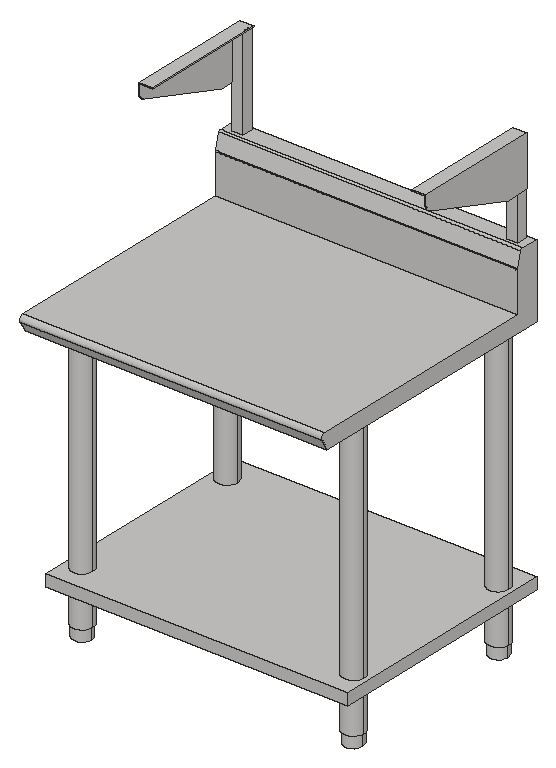
Revit family "QF_COBRA MOFFAT_C900S", category Specialty Equipment, Revit 2016
Family settings
  Part Type = Normal
  Round Connector Dimension = Use Diameter
  Work Plane-Based = No
  Always vertical = Yes
  Cut with Voids When Loaded = No
  Shared = No
  Room Calculation Point = No
Parameters
  Weight in Pounds = 47.1
  URL Cutsheet = ""
  Specification by User = ""
  Specification by Manufacturer = ""
  Serial Number = ""
  Seismic Rating = ""
  SMACNA No = ""
  Revision Code = ""
  NAFEM Spec ID Number = ""
  Model = "C900S"
  Masterspec = ""
  Manufacturer = "COBRA MOFFAT"
  Length = 900.00 mm
  Item Number = ""
  Installed By = ""
  Identify Quantity as Lot = yes
  Height = 1085.00 mm
  Furnished By = ""
  Foodservice Equipment Identifier = yes
  Description = "INFILL BENCHES WITH SALAMANDER UPSTANDS"
  Depth = 800.00 mm
  CSI MasterFormat = ""
Reference planes
  plane 1 "BACK": y = 0
  plane 2: z = 0
  plane 3 "LEFT": x = 0
  plane 4 "RIGHT": x = 900
  plane 5 "FRONT": y = -800
  plane 6 "TOP": z = 1085
  plane 7 "Center Y": x = 450
  plane 8 "Center X": y = -400
  plane 9: x = 45.5
  plane 10: x = 854.5
Forms (mm)
  Extrusion 1, solid, material "QF_Metal - Stainless - Polished"
    sketch origin (0, 0, 0) x (0, 1, 0) y (0, 0, 1)
      loop
        line (-780.27, 866) -> (0, 866) -> (0, 1085) -> (-51.999, 1085)
        arc (-51.999, 1085) -> (-55.651, 1083.76) -> (-57.794, 1080.553) r 6
        line (-57.794, 1080.553) -> (-69.796, 1035.763)
        arc (-69.796, 1035.763) -> (-69.949, 1034.993) -> (-70, 1034.21) r 6
        line (-70, 1034.21) -> (-70, 915) -> (-788.301, 915)
        arc (-788.301, 915) -> (-798.434, 909.149) -> (-798.433, 897.448) r 11.7
        line (-798.433, 897.448) -> (-780.27, 866)
      loop
        line (0, 184) -> (-705, 184) -> (-705, 150) -> (0, 150) -> (0, 184)
    from 0 to 900
  Revolve 2, solid, material "QF_Metal - Stainless - Polished"
    sketch origin (0, -85, 35) x (0, 0, 1) y (1, 0, 0)
      loop
        line (-35, 17.5) -> (0, 17.5) -> (0, 13.75) -> (115, 13.75) -> (115, 45.5) -> (-35, 45.5) -> (-35, 17.5)
      loop
        line (149, 45.5) -> (149, 13.75) -> (831, 13.75) -> (831, 45.5) -> (149, 45.5)
      axis (831, 45.5) -> (-35, 45.5)
    angle from 0 to 360
  Revolve 3, solid, material "QF_Metal - Stainless - Polished"
    sketch origin (0, -625, 35) x (0, 0, 1) y (1, 0, 0)
      loop
        line (-35, 17.5) -> (0, 17.5) -> (0, 13.75) -> (115, 13.75) -> (115, 45.5) -> (-35, 45.5) -> (-35, 17.5)
      loop
        line (149, 45.5) -> (149, 13.75) -> (831, 13.75) -> (831, 45.5) -> (149, 45.5)
      axis (831, 45.5) -> (-35, 45.5)
    angle from 0 to 360
  Revolve 4, solid, material "QF_Metal - Stainless - Polished"
    sketch origin (450, -85, 35) x (0, 0, 1) y (1, 0, 0)
      loop
        line (-35, 432.5) -> (-35, 404.5) -> (115, 404.5) -> (115, 436.25) -> (0, 436.25) -> (0, 432.5) -> (-35, 432.5)
      loop
        line (149, 404.5) -> (831, 404.5) -> (831, 436.25) -> (149, 436.25) -> (149, 404.5)
      axis (831, 404.5) -> (-35, 404.5)
    angle from 0 to 360
  Revolve 5, solid, material "QF_Metal - Stainless - Polished"
    sketch origin (450, -625, 35) x (0, 0, 1) y (1, 0, 0)
      loop
        line (-35, 432.5) -> (-35, 404.5) -> (115, 404.5) -> (115, 436.25) -> (0, 436.25) -> (0, 432.5) -> (-35, 432.5)
      loop
        line (149, 404.5) -> (831, 404.5) -> (831, 436.25) -> (149, 436.25) -> (149, 404.5)
      axis (831, 404.5) -> (-35, 404.5)
    angle from 0 to 360
  Extrusion 6, solid, material "QF_Metal - Stainless - Polished"
    sketch origin (0, 0, 1085) x (0, -1, 0) y (1, 0, 0)
      loop
        line (40, 56.5) -> (8, 56.5) -> (8, 24.5) -> (40, 24.5) -> (40, 56.5)
      loop
        line (40, 843.5) -> (40, 875.5) -> (8, 875.5) -> (8, 843.5) -> (40, 843.5)
    from 0 to 277
  Extrusion 7, solid, material "QF_Metal - Stainless - Polished"
    sketch origin (0, 0, 1362) x (0, -1, 0) y (1, 0, 0)
      loop
        line (386, 64) -> (8, 64) -> (8, 21.5) -> (386, 21.5) -> (386, 64)
      loop
        line (8, 836) -> (386, 836) -> (386, 878.5) -> (8, 878.5) -> (8, 836)
    from 0 to 3
  Extrusion 8, solid, material "QF_Metal - Stainless - Polished"
    sketch origin (24.5, -8, 1085) x (0, -1, 0) y (0, 0, 1)
      loop
        line (70, 130) -> (357.68, 228.073)
        arc (357.68, 228.073) -> (372.397, 239.01) -> (378, 256.468) r 30
        line (378, 256.468) -> (378, 280) -> (0, 280) -> (0, 130) -> (70, 130)
    from 0 to 3
  Extrusion 9, solid, material "QF_Metal - Stainless - Polished"
    sketch origin (875.5, -8, 1085) x (0, -1, 0) y (0, 0, -1)
      loop
        line (70, -130) -> (0, -130) -> (0, -280) -> (378, -280) -> (378, -256.468)
        arc (378, -256.468) -> (372.397, -239.01) -> (357.68, -228.073) r 30
        line (357.68, -228.073) -> (70, -130)
    from 0 to 3
Cuts and joins
  joined: Extrusion 7, Extrusion 8, Extrusion 9
Lines and regions (mm)
  symbolic lines
    curve 1: line (0, 0, 0) -> (900, 0, 0)
    curve 2: line (0, -800.001, 0) -> (0, 0, 0)
    curve 3: line (900, -800.001, 0) -> (0, -800.001, 0)
    curve 4: line (900, 0, 0) -> (900, -800.001, 0)
    curve 5: line (0, -70, 0) -> (21.5, -70, 0)
    curve 6: line (64, -386, 0) -> (64, -8, 0)
    curve 7: line (64, -8, 0) -> (21.5, -8, 0)
    curve 8: line (21.5, -8, 0) -> (21.5, -386, 0)
    curve 9: line (21.5, -386, 0) -> (64, -386, 0)
    curve 10: line (836, -8, 0) -> (836, -386, 0)
    curve 11: line (836, -386, 0) -> (878.5, -386, 0)
    curve 12: line (878.5, -386, 0) -> (878.5, -8, 0)
    curve 13: line (878.5, -8, 0) -> (836, -8, 0)
    curve 14: line (878.5, -70, 0) -> (900, -70, 0)
    curve 15: line (64, -70, 0) -> (836, -70, 0)
Dimensions and locks
  equal spacing: plane 3 "LEFT", plane 7 "Center Y", plane 4 "RIGHT"
  "Length": plane 3 "LEFT" to plane 4 "RIGHT"
  equal spacing: plane 5 "FRONT", plane 8 "Center X", plane 1 "BACK"
  "Depth": plane 5 "FRONT" to plane 1 "BACK"
  "Height": plane 6 "TOP" to level
  locked: plane 10 to plane 4 "RIGHT" at 45.5
  aligned and locked: level to plane 2
  aligned and locked: Extrusion 1 to plane 4 "RIGHT"
Automatic sketch dimensions
  plane 1 "BACK" to curve 1 = 0.00 mm
  curve 1 to plane 3 "LEFT" = 0.00 mm
  curve 4 to plane 4 "RIGHT" = 0.00 mm
  plane 5 "FRONT" to curve 3 = 0.001 mm
  plane 1 "BACK" to curve 14 = 70.00 mm
  Extrusion 1 sketch curve to plane 6 "TOP" = 0.00 mm
  Extrusion 1 sketch curve to plane 1 "BACK" = 0.00 mm  (x2)
  Extrusion 1 sketch curve to Extrusion 1 sketch curve = 51.999 mm
  Extrusion 1 sketch curve to plane 6 "TOP" = 4.447 mm
  Extrusion 1 sketch curve to Extrusion 1 sketch curve = 5.796 mm  (x2)
  Extrusion 1 sketch curve to Extrusion 1 sketch curve = 12.001 mm
  Extrusion 1 sketch curve to Extrusion 1 sketch curve = 0.204 mm
  Extrusion 1 sketch curve to plane 5 "FRONT" = 95.00 mm
  Extrusion 1 sketch curve to plane 5 "FRONT" = 19.73 mm
  Extrusion 1 sketch curve to plane 5 "FRONT" = 11.699 mm
  Extrusion 1 sketch curve to plane 5 "FRONT" = 1.567 mm
  Extrusion 1 sketch curve to Extrusion 1 sketch curve = 44.79 mm
  Extrusion 1 sketch curve to Extrusion 1 sketch curve = 119.21 mm
  Extrusion 1 sketch curve to Extrusion 1 sketch curve = 11.70 mm
  Extrusion 1 sketch curve to Extrusion 1 sketch curve = 31.448 mm
  level to Extrusion 1 sketch curve = 184.00 mm
  Extrusion 1 sketch curve to Extrusion 1 sketch curve = 34.00 mm
  Revolve 2 sketch curve to level = 0.00 mm
  plane 9 to Revolve 2 sketch curve = 0.00 mm  (x3)
  level to Revolve 2 sketch curve = 35.00 mm
  Revolve 2 sketch curve to Revolve 2 sketch curve = 115.00 mm
  plane 3 "LEFT" to Revolve 2 sketch curve = 13.75 mm  (x2)
  Revolve 2 sketch curve to Revolve 2 sketch curve = 34.00 mm
  Revolve 2 sketch curve to plane 6 "TOP" = 219.00 mm
  plane 3 "LEFT" to Revolve 2 sketch curve = 17.50 mm
  Revolve 2 sketch curve to Revolve 2 sketch curve = 14.95 mm
  Revolve 2 sketch curve to Revolve 2 sketch curve = 6.35 mm
  Revolve 3 sketch curve to level = 0.00 mm
  plane 9 to Revolve 3 sketch curve = 0.00 mm  (x3)
  level to Revolve 3 sketch curve = 35.00 mm
  Revolve 3 sketch curve to Revolve 3 sketch curve = 115.00 mm
  plane 3 "LEFT" to Revolve 3 sketch curve = 13.75 mm  (x2)
  Revolve 3 sketch curve to Revolve 3 sketch curve = 34.00 mm
  Revolve 3 sketch curve to plane 6 "TOP" = 219.00 mm
  plane 3 "LEFT" to Revolve 3 sketch curve = 17.50 mm
  Revolve 3 sketch curve to Revolve 3 sketch curve = 14.95 mm
  Revolve 3 sketch curve to Revolve 3 sketch curve = 6.35 mm
  Revolve 4 sketch curve to level = 0.00 mm
  plane 10 to Revolve 4 sketch curve = 0.00 mm  (x3)
  level to Revolve 4 sketch curve = 35.00 mm
  Revolve 4 sketch curve to Revolve 4 sketch curve = 115.00 mm
  plane 4 "RIGHT" to Revolve 4 sketch curve = 13.75 mm
  Revolve 4 sketch curve to Revolve 4 sketch curve = 34.00 mm
  Revolve 4 sketch curve to plane 6 "TOP" = 219.00 mm
  plane 4 "RIGHT" to Revolve 4 sketch curve = 17.50 mm
  Revolve 4 sketch curve to Revolve 4 sketch curve = 3.75 mm
  Revolve 4 sketch curve to Revolve 4 sketch curve = 14.95 mm
  Revolve 4 sketch curve to Revolve 4 sketch curve = 6.35 mm
  Revolve 5 sketch curve to level = 0.00 mm
  plane 10 to Revolve 5 sketch curve = 0.00 mm  (x3)
  level to Revolve 5 sketch curve = 35.00 mm
  Revolve 5 sketch curve to Revolve 5 sketch curve = 115.00 mm
  plane 4 "RIGHT" to Revolve 5 sketch curve = 13.75 mm
  Revolve 5 sketch curve to Revolve 5 sketch curve = 34.00 mm
  Revolve 5 sketch curve to plane 6 "TOP" = 219.00 mm
  plane 4 "RIGHT" to Revolve 5 sketch curve = 17.50 mm
  Revolve 5 sketch curve to Revolve 5 sketch curve = 3.75 mm
  Revolve 5 sketch curve to Revolve 5 sketch curve = 14.95 mm
  Revolve 5 sketch curve to Revolve 5 sketch curve = 6.35 mm
  Extrusion 1 to Extrusion 6 sketch curve = 8.00 mm  (x2)
  Extrusion 6 sketch curve to Extrusion 1 = 11.999 mm  (x2)
  Extrusion 1 to Extrusion 6 sketch curve = 24.50 mm  (x2)
  Extrusion 6 sketch curve to Extrusion 6 sketch curve = 32.00 mm
  Extrusion 1 to Extrusion 6 sketch curve = 56.50 mm
  Extrusion 6 to Extrusion 7 sketch curve = 0.00 mm  (x2)
  Extrusion 6 to Extrusion 7 sketch curve = 7.50 mm  (x2)
  Extrusion 6 to Extrusion 7 sketch curve = 346.00 mm  (x2)
  Extrusion 6 to Extrusion 7 sketch curve = 3.00 mm  (x2)
  Extrusion 8 sketch curve to Extrusion 6 = 0.00 mm
  Extrusion 6 to Extrusion 8 sketch curve = 38.00 mm
  Extrusion 6 to Extrusion 8 sketch curve = 20.532 mm
  Extrusion 8 sketch curve to Extrusion 8 sketch curve = 278.00 mm
  Extrusion 6 to Extrusion 8 sketch curve = 48.927 mm
  Extrusion 8 sketch curve to Extrusion 8 sketch curve = 9.68 mm
  Extrusion 6 to Extrusion 8 sketch curve = 130.00 mm
  Extrusion 8 sketch curve to Extrusion 6 = 3.00 mm
  Extrusion 9 sketch curve to Extrusion 6 = 0.00 mm
  Extrusion 9 sketch curve to Extrusion 6 = 38.00 mm
  Extrusion 6 to Extrusion 9 sketch curve = 20.532 mm
  Extrusion 9 sketch curve to Extrusion 9 sketch curve = 278.00 mm
  Extrusion 6 to Extrusion 9 sketch curve = 48.927 mm
  Extrusion 9 sketch curve to Extrusion 9 sketch curve = 9.68 mm
  Extrusion 9 sketch curve to Extrusion 6 = 3.00 mm
  Extrusion 6 to Extrusion 9 sketch curve = 130.00 mm
  plane 1 "BACK" to curve 8 = 8.00 mm
  plane 3 "LEFT" to curve 8 = 21.50 mm
  plane 9 to curve 9 = 18.50 mm
  plane 8 "Center X" to curve 8 = 14.00 mm
  plane 10 to curve 11 = 18.50 mm
  plane 1 "BACK" to curve 13 = 8.00 mm
  plane 4 "RIGHT" to curve 13 = 21.50 mm
  plane 8 "Center X" to curve 12 = 14.00 mm
  curve 14 to plane 10 = 24.00 mm
  curve 5 to plane 9 = 24.00 mm
  plane 9 to curve 15 = 18.50 mm
  curve 5 to curve 15 = 0.00 mm
  plane 10 to curve 15 = 18.50 mm
  curve 15 to curve 14 = 0.00 mm
